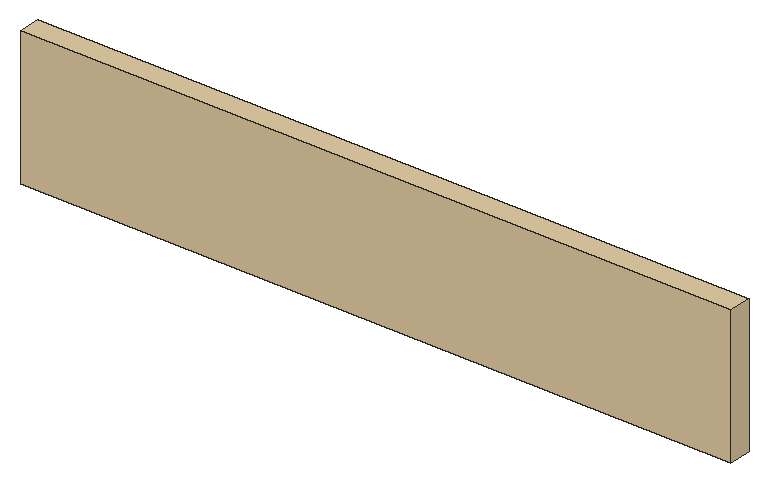
Revit family "Floor Joists", category Structural Framing, Revit 2020
Family settings
  Structural Framing Length Roundoff = 0' - 0"
  Section Shape = Not Defined
  Material for Model Behavior = Wood
  Always export as geometry = No
  OmniClass Number = 23.25.30.11.14.14
  OmniClass Title = Beams
  Always vertical = Yes
  Cut with Voids When Loaded = No
  Symbolic Representation = From Project Settings
  Shared = No
  Show family pre-cut in plan views = Yes
Parameters (values of type "2x10")
  Structural Material [instance] = Softwood, Lumber
  A = 13.88 in²
  Assembly Code = "B10"
  Length [instance] = 5' - 0"
  b = 0' - 1 1/2"
  d = 0' - 9 1/4"
Types (3): name | A | b | d
  2x10 | 13.88 in² | 0' - 1 1/2" | 0' - 9 1/4"
  2x12 | 16.88 in² | 0' - 1 1/2" | 0' - 11 1/4"
  4x6 | 13.88 in² | 0' - 3 1/2" | 0' - 5 1/4"
Reference planes (in)
  plane 1 "Center (Front/Back)": y = 0
  plane 2: z = 0
  plane 3 "Center (Left/Right)": x = 0.1815
  plane 4 "Member Left": x = -23.8185
  plane 5 "Member Right": x = 24.1815
  plane 6: y = 0.75
  plane 7: y = -0.75
  plane 8: z = 4.625
  plane 9: z = -4.625
  plane 10 "Left": x = -29.8185
  plane 11 "Stick Symbol Left": x = -17.8185
  plane 12 "Stick Symbol Right": x = 18.1815
  plane 13 "Right": x = 30.1815
Forms (in)
  Sweep 1, solid, material "Softwood, Lumber" <- "Structural Material", detail levels medium+fine
    path origin (0, 0, 0) x (1, 0, 0) y (0, 1, 0)
      loop
        line (24.1815, 0) -> (-23.8185, 0)
    profile "Rectangular Wood Beam-Profile : Rectangular Wood Beam-Profile" origin (0.1815, 0, 0) x (0, -1, 0) y (0, 0, 1)
      loop
        line (-0.75, -4.625) -> (0.75, -4.625) -> (0.75, 4.625) -> (-0.75, 4.625) -> (-0.75, -4.625)
Lines and regions (in)
  symbolic lines, style "Stick Symbols", detail levels coarse
    curve 1: line (0.1815, 0.75, 4.625) -> (0.1815, -0.75, 4.625)
    curve 2: line (0.1815, -0.75, -4.625) -> (0.1815, 0.75, -4.625)
    curve 3: line (0.1815, -0.75, 4.625) -> (0.1815, -0.75, -4.625)
    curve 4: line (0.1815, 0.75, -4.625) -> (0.1815, 0.75, 4.625)
Dimensions and locks (in)
  "b": plane 6 to plane 7
  "d": plane 9 to plane 8
  equal spacing: plane 9, plane 2, plane 8
  equal spacing: plane 6, plane 1 "Center (Front/Back)", plane 7
  "Length": plane 10 "Left" to plane 13 "Right"
  aligned and locked: Sweep 1 sketch curve to plane 1 "Center (Front/Back)"
  aligned and locked: curve 1 to Sweep 1
  aligned and locked: curve 2 to Sweep 1
  aligned and locked: curve 3 to Sweep 1
  aligned and locked: curve 4 to Sweep 1
  aligned and locked: plane 4 "Member Left" to Sweep 1 sketch curve
  aligned and locked: plane 5 "Member Right" to Sweep 1 sketch curve
